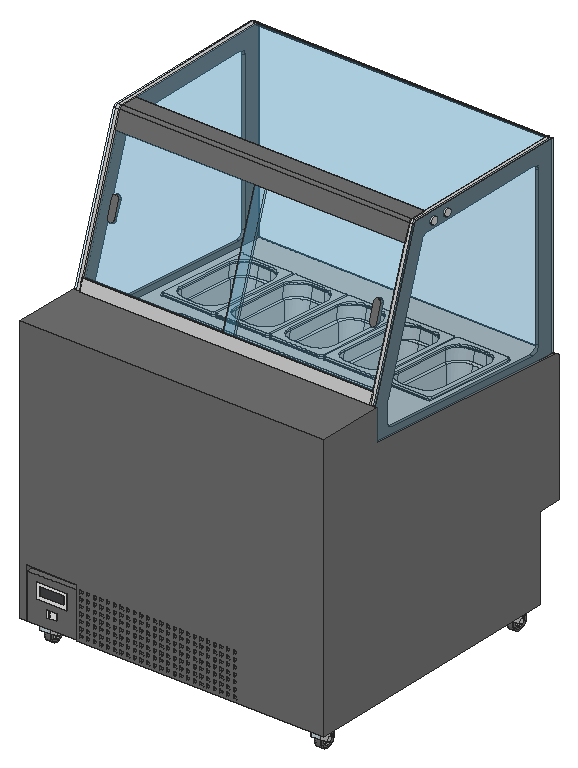
Revit family "QF_BLIZZARD_LUXE6_250923021310", category Specialty Equipment, Revit 2021 (continued)
Definition of nested family "QF_BLIZZARD_SUNDAE6_2920"
  Forms (mm)
    Extrusion 98, solid
      sketch origin (495, -314.497, 607.195) x (1, 0, 0) y (0, 0.996764, -0.080384)
        loop
          arc (250.015, -227.5) -> (235.957, -193.559) -> (202.015, -179.5) r 48
          line (202.015, -179.5) -> (22.985, -179.5)
          arc (22.985, -179.5) -> (-10.957, -193.559) -> (-25.015, -227.5) r 48
          line (-25.015, -227.5) -> (-25.015, -264.5)
      from 140 to 145
    Extrusion 99, solid
      sketch origin (915, -314.898, 602.211) x (1, 0, 0) y (0, 0.996764, -0.080384)
        loop
          arc (-397.015, -202.911) -> (-414.402, -210.113) -> (-421.604, -227.5) r 24.589
          line (-421.604, -227.5) -> (-421.604, -264.5)
          arc (-421.604, -264.5) -> (-414.402, -281.887) -> (-397.015, -289.089) r 24.589
          line (-397.015, -289.089) -> (-217.8, -289.089)
          arc (-217.8, -289.089) -> (-200.544, -281.941) -> (-193.396, -264.685) r 24.404
          line (-193.396, -264.685) -> (-193.396, -227.315)
          arc (-193.396, -227.315) -> (-200.544, -210.059) -> (-217.8, -202.911) r 24.404
          line (-217.8, -202.911) -> (-397.015, -202.911)
      from 0 to 2
    Extrusion 100, solid
      sketch origin (890, -901, -7) x (0, -1, 0) y (0, 0, -1)
        loop
          line (-887, -726.403) -> (-887, -728.41) -> (-222, -782.039) -> (-222, -780.032) -> (-887, -726.403)
      from -870 to 0
    Extrusion 101, void
      sketch origin (-81.926, -878.839, 1.994) x (0, -1, 0) y (0, 0, 1)
        loop
          line (-401.082, 788.92) -> (-395.777, 723.133) -> (-390.644, 718.767) -> (-378.909, 631.092)
          arc (-378.909, 631.092) -> (-373.104, 620.491) -> (-361.686, 616.529) r 16.802
          line (-361.686, 616.529) -> (-275.788, 623.456)
          arc (-275.788, 623.456) -> (-265.152, 629.197) -> (-261.121, 640.591) r 16.802
          line (-261.121, 640.591) -> (-263.587, 729.013) -> (-259.22, 734.146) -> (-264.526, 799.932) -> (-401.082, 788.92)
      from -838.926 to -234.926
    Extrusion 102, void
      sketch origin (1080, -880, 0) x (-1, 0, 0) y (0, 0, 1)
        loop
          line (900, 91) -> (890, 91) -> (890, 81) -> (900, 81) -> (900, 91)
        loop
          line (880, 91) -> (870, 91) -> (870, 81) -> (880, 81) -> (880, 91)
        loop
          line (860, 91) -> (850, 91) -> (850, 81) -> (860, 81) -> (860, 91)
        loop
          line (840, 91) -> (830, 91) -> (830, 81) -> (840, 81) -> (840, 91)
        loop
          line (820, 91) -> (810, 91) -> (810, 81) -> (820, 81) -> (820, 91)
        loop
          line (800, 91) -> (790, 91) -> (790, 81) -> (800, 81) -> (800, 91)
        loop
          line (780, 91) -> (770, 91) -> (770, 81) -> (780, 81) -> (780, 91)
        loop
          line (760, 91) -> (750, 91) -> (750, 81) -> (760, 81) -> (760, 91)
        loop
          line (740, 91) -> (730, 91) -> (730, 81) -> (740, 81) -> (740, 91)
        loop
          line (720, 91) -> (710, 91) -> (710, 81) -> (720, 81) -> (720, 91)
        loop
          line (700, 91) -> (690, 91) -> (690, 81) -> (700, 81) -> (700, 91)
        loop
          line (680, 91) -> (670, 91) -> (670, 81) -> (680, 81) -> (680, 91)
        loop
          line (660, 91) -> (650, 91) -> (650, 81) -> (660, 81) -> (660, 91)
        loop
          line (640, 91) -> (630, 91) -> (630, 81) -> (640, 81) -> (640, 91)
        loop
          line (620, 91) -> (610, 91) -> (610, 81) -> (620, 81) -> (620, 91)
        loop
          line (600, 91) -> (590, 91) -> (590, 81) -> (600, 81) -> (600, 91)
        loop
          line (580, 91) -> (570, 91) -> (570, 81) -> (580, 81) -> (580, 91)
        loop
          line (560, 91) -> (550, 91) -> (550, 81) -> (560, 81) -> (560, 91)
        loop
          line (540, 91) -> (530, 91) -> (530, 81) -> (540, 81) -> (540, 91)
        loop
          line (520, 91) -> (510, 91) -> (510, 81) -> (520, 81) -> (520, 91)
        loop
          line (500, 91) -> (490, 91) -> (490, 81) -> (500, 81) -> (500, 91)
        loop
          line (480, 91) -> (470, 91) -> (470, 81) -> (480, 81) -> (480, 91)
        loop
          line (460, 91) -> (450, 91) -> (450, 81) -> (460, 81) -> (460, 91)
        loop
          line (440, 91) -> (430, 91) -> (430, 81) -> (440, 81) -> (440, 91)
        loop
          line (900, 111) -> (890, 111) -> (890, 101) -> (900, 101) -> (900, 111)
        loop
          line (880, 111) -> (870, 111) -> (870, 101) -> (880, 101) -> (880, 111)
        loop
          line (860, 111) -> (850, 111) -> (850, 101) -> (860, 101) -> (860, 111)
        loop
          line (840, 111) -> (830, 111) -> (830, 101) -> (840, 101) -> (840, 111)
        loop
          line (820, 111) -> (810, 111) -> (810, 101) -> (820, 101) -> (820, 111)
        loop
          line (800, 111) -> (790, 111) -> (790, 101) -> (800, 101) -> (800, 111)
        loop
          line (780, 111) -> (770, 111) -> (770, 101) -> (780, 101) -> (780, 111)
        loop
          line (760, 111) -> (750, 111) -> (750, 101) -> (760, 101) -> (760, 111)
        loop
          line (740, 111) -> (730, 111) -> (730, 101) -> (740, 101) -> (740, 111)
        loop
          line (720, 111) -> (710, 111) -> (710, 101) -> (720, 101) -> (720, 111)
        loop
          line (700, 111) -> (690, 111) -> (690, 101) -> (700, 101) -> (700, 111)
        loop
          line (680, 111) -> (670, 111) -> (670, 101) -> (680, 101) -> (680, 111)
        loop
          line (660, 111) -> (650, 111) -> (650, 101) -> (660, 101) -> (660, 111)
        loop
          line (640, 111) -> (630, 111) -> (630, 101) -> (640, 101) -> (640, 111)
        loop
          line (620, 111) -> (610, 111) -> (610, 101) -> (620, 101) -> (620, 111)
        loop
          line (600, 111) -> (590, 111) -> (590, 101) -> (600, 101) -> (600, 111)
        loop
          line (580, 111) -> (570, 111) -> (570, 101) -> (580, 101) -> (580, 111)
        loop
          line (560, 111) -> (550, 111) -> (550, 101) -> (560, 101) -> (560, 111)
        loop
          line (540, 111) -> (530, 111) -> (530, 101) -> (540, 101) -> (540, 111)
        loop
          line (520, 111) -> (510, 111) -> (510, 101) -> (520, 101) -> (520, 111)
        loop
          line (500, 111) -> (490, 111) -> (490, 101) -> (500, 101) -> (500, 111)
        loop
          line (480, 111) -> (470, 111) -> (470, 101) -> (480, 101) -> (480, 111)
        loop
          line (460, 111) -> (450, 111) -> (450, 101) -> (460, 101) -> (460, 111)
        loop
          line (440, 111) -> (430, 111) -> (430, 101) -> (440, 101) -> (440, 111)
        loop
          line (900, 131) -> (890, 131) -> (890, 121) -> (900, 121) -> (900, 131)
        loop
          line (880, 131) -> (870, 131) -> (870, 121) -> (880, 121) -> (880, 131)
        loop
          line (860, 131) -> (850, 131) -> (850, 121) -> (860, 121) -> (860, 131)
        loop
          line (840, 131) -> (830, 131) -> (830, 121) -> (840, 121) -> (840, 131)
        loop
          line (820, 131) -> (810, 131) -> (810, 121) -> (820, 121) -> (820, 131)
        loop
          line (800, 131) -> (790, 131) -> (790, 121) -> (800, 121) -> (800, 131)
        loop
          line (780, 131) -> (770, 131) -> (770, 121) -> (780, 121) -> (780, 131)
        loop
          line (760, 131) -> (750, 131) -> (750, 121) -> (760, 121) -> (760, 131)
        loop
          line (740, 131) -> (730, 131) -> (730, 121) -> (740, 121) -> (740, 131)
        loop
          line (720, 131) -> (710, 131) -> (710, 121) -> (720, 121) -> (720, 131)
        loop
          line (700, 131) -> (690, 131) -> (690, 121) -> (700, 121) -> (700, 131)
        loop
          line (680, 131) -> (670, 131) -> (670, 121) -> (680, 121) -> (680, 131)
        loop
          line (660, 131) -> (650, 131) -> (650, 121) -> (660, 121) -> (660, 131)
        loop
          line (640, 131) -> (630, 131) -> (630, 121) -> (640, 121) -> (640, 131)
        loop
          line (620, 131) -> (610, 131) -> (610, 121) -> (620, 121) -> (620, 131)
        loop
          line (600, 131) -> (590, 131) -> (590, 121) -> (600, 121) -> (600, 131)
        loop
          line (580, 131) -> (570, 131) -> (570, 121) -> (580, 121) -> (580, 131)
        loop
          line (560, 131) -> (550, 131) -> (550, 121) -> (560, 121) -> (560, 131)
        loop
          line (540, 131) -> (530, 131) -> (530, 121) -> (540, 121) -> (540, 131)
        loop
          line (520, 131) -> (510, 131) -> (510, 121) -> (520, 121) -> (520, 131)
        loop
          line (500, 131) -> (490, 131) -> (490, 121) -> (500, 121) -> (500, 131)
        loop
          line (480, 131) -> (470, 131) -> (470, 121) -> (480, 121) -> (480, 131)
        loop
          line (460, 131) -> (450, 131) -> (450, 121) -> (460, 121) -> (460, 131)
        loop
          line (440, 131) -> (430, 131) -> (430, 121) -> (440, 121) -> (440, 131)
        loop
          line (900, 151) -> (890, 151) -> (890, 141) -> (900, 141) -> (900, 151)
        loop
          line (880, 151) -> (870, 151) -> (870, 141) -> (880, 141) -> (880, 151)
        loop
          line (860, 151) -> (850, 151) -> (850, 141) -> (860, 141) -> (860, 151)
        loop
          line (840, 151) -> (830, 151) -> (830, 141) -> (840, 141) -> (840, 151)
        loop
          line (820, 151) -> (810, 151) -> (810, 141) -> (820, 141) -> (820, 151)
        loop
          line (800, 151) -> (790, 151) -> (790, 141) -> (800, 141) -> (800, 151)
        loop
          line (780, 151) -> (770, 151) -> (770, 141) -> (780, 141) -> (780, 151)
        loop
          line (760, 151) -> (750, 151) -> (750, 141) -> (760, 141) -> (760, 151)
        loop
          line (740, 151) -> (730, 151) -> (730, 141) -> (740, 141) -> (740, 151)
        loop
          line (720, 151) -> (710, 151) -> (710, 141) -> (720, 141) -> (720, 151)
        loop
          line (700, 151) -> (690, 151) -> (690, 141) -> (700, 141) -> (700, 151)
        loop
          line (680, 151) -> (670, 151) -> (670, 141) -> (680, 141) -> (680, 151)
        loop
          line (660, 151) -> (650, 151) -> (650, 141) -> (660, 141) -> (660, 151)
        loop
          line (640, 151) -> (630, 151) -> (630, 141) -> (640, 141) -> (640, 151)
        loop
          line (620, 151) -> (610, 151) -> (610, 141) -> (620, 141) -> (620, 151)
        loop
          line (600, 151) -> (590, 151) -> (590, 141) -> (600, 141) -> (600, 151)
        loop
          line (580, 151) -> (570, 151) -> (570, 141) -> (580, 141) -> (580, 151)
        loop
          line (560, 151) -> (550, 151) -> (550, 141) -> (560, 141) -> (560, 151)
        loop
          line (540, 151) -> (530, 151) -> (530, 141) -> (540, 141) -> (540, 151)
        loop
          line (520, 151) -> (510, 151) -> (510, 141) -> (520, 141) -> (520, 151)
        loop
          line (500, 151) -> (490, 151) -> (490, 141) -> (500, 141) -> (500, 151)
        loop
          line (480, 151) -> (470, 151) -> (470, 141) -> (480, 141) -> (480, 151)
        loop
          line (460, 151) -> (450, 151) -> (450, 141) -> (460, 141) -> (460, 151)
        loop
          line (440, 151) -> (430, 151) -> (430, 141) -> (440, 141) -> (440, 151)
        loop
          line (900, 171) -> (890, 171) -> (890, 161) -> (900, 161) -> (900, 171)
        loop
          line (880, 171) -> (870, 171) -> (870, 161) -> (880, 161) -> (880, 171)
        loop
          line (860, 171) -> (850, 171) -> (850, 161) -> (860, 161) -> (860, 171)
        loop
          line (840, 171) -> (830, 171) -> (830, 161) -> (840, 161) -> (840, 171)
        loop
          line (820, 171) -> (810, 171) -> (810, 161) -> (820, 161) -> (820, 171)
        loop
          line (800, 171) -> (790, 171) -> (790, 161) -> (800, 161) -> (800, 171)
        loop
          line (780, 171) -> (770, 171) -> (770, 161) -> (780, 161) -> (780, 171)
        loop
          line (760, 171) -> (750, 171) -> (750, 161) -> (760, 161) -> (760, 171)
        loop
          line (740, 171) -> (730, 171) -> (730, 161) -> (740, 161) -> (740, 171)
        loop
          line (720, 171) -> (710, 171) -> (710, 161) -> (720, 161) -> (720, 171)
        loop
          line (700, 171) -> (690, 171) -> (690, 161) -> (700, 161) -> (700, 171)
        loop
          line (680, 171) -> (670, 171) -> (670, 161) -> (680, 161) -> (680, 171)
        loop
          line (660, 171) -> (650, 171) -> (650, 161) -> (660, 161) -> (660, 171)
        loop
          line (640, 171) -> (630, 171) -> (630, 161) -> (640, 161) -> (640, 171)
        loop
          line (620, 171) -> (610, 171) -> (610, 161) -> (620, 161) -> (620, 171)
        loop
          line (600, 171) -> (590, 171) -> (590, 161) -> (600, 161) -> (600, 171)
        loop
          line (580, 171) -> (570, 171) -> (570, 161) -> (580, 161) -> (580, 171)
        loop
          line (560, 171) -> (550, 171) -> (550, 161) -> (560, 161) -> (560, 171)
        loop
          line (540, 171) -> (530, 171) -> (530, 161) -> (540, 161) -> (540, 171)
        loop
          line (520, 171) -> (510, 171) -> (510, 161) -> (520, 161) -> (520, 171)
        loop
          line (500, 171) -> (490, 171) -> (490, 161) -> (500, 161) -> (500, 171)
        loop
          line (480, 171) -> (470, 171) -> (470, 161) -> (480, 161) -> (480, 171)
        loop
          line (460, 171) -> (450, 171) -> (450, 161) -> (460, 161) -> (460, 171)
        loop
          line (440, 171) -> (430, 171) -> (430, 161) -> (440, 161) -> (440, 171)
        loop
          line (900, 191) -> (890, 191) -> (890, 181) -> (900, 181) -> (900, 191)
        loop
          line (880, 191) -> (870, 191) -> (870, 181) -> (880, 181) -> (880, 191)
        loop
          line (860, 191) -> (850, 191) -> (850, 181) -> (860, 181) -> (860, 191)
        loop
          line (840, 191) -> (830, 191) -> (830, 181) -> (840, 181) -> (840, 191)
        loop
          line (820, 191) -> (810, 191) -> (810, 181) -> (820, 181) -> (820, 191)
        loop
          line (800, 191) -> (790, 191) -> (790, 181) -> (800, 181) -> (800, 191)
        loop
          line (780, 191) -> (770, 191) -> (770, 181) -> (780, 181) -> (780, 191)
        loop
          line (760, 191) -> (750, 191) -> (750, 181) -> (760, 181) -> (760, 191)
        loop
          line (740, 191) -> (730, 191) -> (730, 181) -> (740, 181) -> (740, 191)
        loop
          line (720, 191) -> (710, 191) -> (710, 181) -> (720, 181) -> (720, 191)
        loop
          line (700, 191) -> (690, 191) -> (690, 181) -> (700, 181) -> (700, 191)
        loop
          line (680, 191) -> (670, 191) -> (670, 181) -> (680, 181) -> (680, 191)
        loop
          line (660, 191) -> (650, 191) -> (650, 181) -> (660, 181) -> (660, 191)
        loop
          line (640, 191) -> (630, 191) -> (630, 181) -> (640, 181) -> (640, 191)
        loop
          line (620, 191) -> (610, 191) -> (610, 181) -> (620, 181) -> (620, 191)
        loop
          line (600, 191) -> (590, 191) -> (590, 181) -> (600, 181) -> (600, 191)
        loop
          line (580, 191) -> (570, 191) -> (570, 181) -> (580, 181) -> (580, 191)
        loop
          line (560, 191) -> (550, 191) -> (550, 181) -> (560, 181) -> (560, 191)
        loop
          line (540, 191) -> (530, 191) -> (530, 181) -> (540, 181) -> (540, 191)
        loop
          line (520, 191) -> (510, 191) -> (510, 181) -> (520, 181) -> (520, 191)
        loop
          line (500, 191) -> (490, 191) -> (490, 181) -> (500, 181) -> (500, 191)
        loop
          line (480, 191) -> (470, 191) -> (470, 181) -> (480, 181) -> (480, 191)
        loop
          line (460, 191) -> (450, 191) -> (450, 181) -> (460, 181) -> (460, 191)
        loop
          line (440, 191) -> (430, 191) -> (430, 181) -> (440, 181) -> (440, 191)
        loop
          line (900, 211) -> (890, 211) -> (890, 201) -> (900, 201) -> (900, 211)
        loop
          line (880, 211) -> (870, 211) -> (870, 201) -> (880, 201) -> (880, 211)
        loop
          line (860, 211) -> (850, 211) -> (850, 201) -> (860, 201) -> (860, 211)
        loop
          line (840, 211) -> (830, 211) -> (830, 201) -> (840, 201) -> (840, 211)
        loop
          line (820, 211) -> (810, 211) -> (810, 201) -> (820, 201) -> (820, 211)
        loop
          line (800, 211) -> (790, 211) -> (790, 201) -> (800, 201) -> (800, 211)
        loop
          line (780, 211) -> (770, 211) -> (770, 201) -> (780, 201) -> (780, 211)
        loop
          line (760, 211) -> (750, 211) -> (750, 201) -> (760, 201) -> (760, 211)
        loop
          line (740, 211) -> (730, 211) -> (730, 201) -> (740, 201) -> (740, 211)
        loop
          line (720, 211) -> (710, 211) -> (710, 201) -> (720, 201) -> (720, 211)
        loop
          line (700, 211) -> (690, 211) -> (690, 201) -> (700, 201) -> (700, 211)
        loop
          line (680, 211) -> (670, 211) -> (670, 201) -> (680, 201) -> (680, 211)
        loop
          line (660, 211) -> (650, 211) -> (650, 201) -> (660, 201) -> (660, 211)
        loop
          line (640, 211) -> (630, 211) -> (630, 201) -> (640, 201) -> (640, 211)
        loop
          line (620, 211) -> (610, 211) -> (610, 201) -> (620, 201) -> (620, 211)
        loop
          line (600, 211) -> (590, 211) -> (590, 201) -> (600, 201) -> (600, 211)
        loop
          line (580, 211) -> (570, 211) -> (570, 201) -> (580, 201) -> (580, 211)
        loop
          line (560, 211) -> (550, 211) -> (550, 201) -> (560, 201) -> (560, 211)
        loop
          line (540, 211) -> (530, 211) -> (530, 201) -> (540, 201) -> (540, 211)
        loop
          line (520, 211) -> (510, 211) -> (510, 201) -> (520, 201) -> (520, 211)
        loop
          line (500, 211) -> (490, 211) -> (490, 201) -> (500, 201) -> (500, 211)
        loop
          line (480, 211) -> (470, 211) -> (470, 201) -> (480, 201) -> (480, 211)
        loop
          line (460, 211) -> (450, 211) -> (450, 201) -> (460, 201) -> (460, 211)
        loop
          line (440, 211) -> (430, 211) -> (430, 201) -> (440, 201) -> (440, 211)
      from 0 to 2
    Extrusion 103, void
      sketch origin (910, -879, 0) x (0, -1, 0) y (0, 0, 1)
        loop
          line (1, 71) -> (1, 221) -> (-19, 221) -> (-19, 206) -> (-1, 206) -> (-1, 71) -> (1, 71)
      from 740 to 890
    Extrusion 104, solid
      sketch origin (910, -878.5, 0) x (-1, 0, 0) y (0, 0, 1)
        loop
          line (860, 186) -> (770, 186) -> (770, 141) -> (860, 141) -> (860, 186)
        loop
          line (780, 151) -> (850, 151) -> (850, 176) -> (780, 176) -> (780, 151)
      from 0 to 2
    Extrusion 105, solid
      sketch origin (910, -878.5, -2) x (-1, 0, 0) y (0, 0, 1)
        loop
          line (850, 178) -> (780, 178) -> (780, 153) -> (850, 153) -> (850, 178)
      from 0 to 2
    Extrusion 106, solid
      sketch origin (910, -878.5, -45) x (-1, 0, 0) y (0, 0, 1)
        loop
          line (830, 166) -> (800, 166) -> (800, 146) -> (830, 146) -> (830, 166)
      from 0 to 2
    Extrusion 107, solid
      sketch origin (910, -879, -49.5) x (-1, 0, 0) y (0, 0, 1)
        loop
          line (825, 168) -> (820, 168) -> (820, 163) -> (825, 163) -> (825, 168)
      from 0 to 2
    Extrusion 108, solid
      sketch origin (910, -879, -59.5) x (-1, 0, 0) y (0, 0, 1)
        loop
          line (825, 168) -> (820, 168) -> (820, 163) -> (825, 163) -> (825, 168)
      from 0 to 2
  Cuts and joins
    Extrusion 44 cuts Extrusion 1
    Extrusion 46 cuts Extrusion 22
    Extrusion 43 cuts Extrusion 11
    Extrusion 45 cuts Extrusion 32
    Extrusion 85, Extrusion 91, Extrusion 101, Extrusion 102, Extrusion 103 cuts Extrusion 53
    Extrusion 85, Extrusion 101 cuts Extrusion 100
  Lines and regions (mm)
    symbolic lines
      curve 1: line (0, -879, 0) -> (910, -879, 0)
      curve 2: line (910, -879, 0) -> (910, 1, 0)
      curve 3: line (0, 1, 0) -> (0, -879, 0)
      curve 4: line (910, 1, 0) -> (0, 1, 0)
      curve 5: line (860, -409.405, 0) -> (860, -123.333, 0)
      curve 6: line (857, -409.003, 0) -> (857, -122.932, 0)
      curve 7: spline (851, -414.983, 0) -> (851.783, -414.932, 0) -> (852.553, -414.78, 0) -> (853.296, -414.528, 0) -> (854, -414.182, 0) -> (854.653, -413.748, 0) -> (855.243, -413.232, 0) -> (855.76, -412.644, 0) -> (856.196, -411.993, 0) -> (856.543, -411.292, 0) -> (856.796, -410.551, 0) -> (856.949, -409.783, 0) -> (857, -409.003, 0)
      curve 8: line (707, -414.983, 0) -> (851, -414.983, 0)
      curve 9: line (707, -418.376, 0) -> (851, -418.376, 0)
      curve 10: spline (851, -418.376, 0) -> (852.175, -418.299, 0) -> (853.329, -418.07, 0) -> (854.444, -417.693, 0) -> (855.5, -417.174, 0) -> (856.479, -416.522, 0) -> (857.364, -415.748, 0) -> (858.14, -414.866, 0) -> (858.794, -413.89, 0) -> (859.315, -412.838, 0) -> (859.693, -411.727, 0) -> (859.923, -410.576, 0) -> (860, -409.405, 0)
      curve 11: spline (701, -409.003, 0) -> (701.051, -409.783, 0) -> (701.204, -410.551, 0) -> (701.457, -411.292, 0) -> (701.804, -411.993, 0) -> (702.24, -412.644, 0) -> (702.757, -413.232, 0) -> (703.347, -413.748, 0) -> (704, -414.182, 0) -> (704.704, -414.528, 0) -> (705.447, -414.78, 0) -> (706.217, -414.932, 0) -> (707, -414.983, 0)
      curve 12: spline (698, -409.405, 0) -> (698.077, -410.576, 0) -> (698.307, -411.727, 0) -> (698.685, -412.838, 0) -> (699.206, -413.89, 0) -> (699.86, -414.866, 0) -> (700.636, -415.748, 0) -> (701.521, -416.522, 0) -> (702.5, -417.174, 0) -> (703.556, -417.693, 0) -> (704.671, -418.07, 0) -> (705.825, -418.299, 0) -> (707, -418.376, 0)
      curve 13: line (701, -122.932, 0) -> (701, -409.003, 0)
      curve 14: line (698, -123.333, 0) -> (698, -409.405, 0)
      curve 15: spline (857, -122.932, 0) -> (856.949, -122.151, 0) -> (856.796, -121.384, 0) -> (856.543, -120.643, 0) -> (856.196, -119.941, 0) -> (855.76, -119.291, 0) -> (855.243, -118.703, 0) -> (854.653, -118.187, 0) -> (854, -117.752, 0) -> (853.296, -117.406, 0) -> (852.553, -117.155, 0) -> (851.783, -117.002, 0) -> (851, -116.951, 0)
      curve 16: spline (860, -123.333, 0) -> (859.923, -122.163, 0) -> (859.693, -121.012, 0) -> (859.315, -119.9, 0) -> (858.794, -118.848, 0) -> (858.14, -117.872, 0) -> (857.364, -116.99, 0) -> (856.479, -116.216, 0) -> (855.5, -115.564, 0) -> (854.444, -115.045, 0) -> (853.329, -114.668, 0) -> (852.175, -114.439, 0) -> (851, -114.363, 0)
      curve 17: line (851, -114.363, 0) -> (707, -114.363, 0)
      curve 18: line (851, -116.951, 0) -> (707, -116.951, 0)
      curve 19: spline (707, -116.951, 0) -> (706.217, -117.002, 0) -> (705.447, -117.155, 0) -> (704.704, -117.406, 0) -> (704, -117.752, 0) -> (703.347, -118.187, 0) -> (702.757, -118.703, 0) -> (702.24, -119.291, 0) -> (701.804, -119.941, 0) -> (701.457, -120.643, 0) -> (701.204, -121.384, 0) -> (701.051, -122.151, 0) -> (701, -122.932, 0)
      curve 20: spline (707, -114.363, 0) -> (705.825, -114.439, 0) -> (704.671, -114.668, 0) -> (703.556, -115.045, 0) -> (702.5, -115.564, 0) -> (701.521, -116.216, 0) -> (700.636, -116.99, 0) -> (699.86, -117.872, 0) -> (699.206, -118.848, 0) -> (698.685, -119.9, 0) -> (698.307, -121.012, 0) -> (698.077, -122.163, 0) -> (698, -123.333, 0)
      curve 21: spline (845.5, -355.193, 0) -> (845.089, -361.438, 0) -> (843.864, -367.576, 0) -> (841.846, -373.502, 0) -> (839.069, -379.115, 0) -> (835.581, -384.319, 0) -> (831.441, -389.024, 0) -> (826.721, -393.151, 0) -> (821.5, -396.628, 0) -> (815.869, -399.396, 0) -> (809.923, -401.407, 0) -> (803.765, -402.628, 0) -> (797.5, -403.038, 0)
      curve 22: line (797.5, -403.038, 0) -> (760.5, -403.038, 0)
      curve 23: spline (760.5, -403.038, 0) -> (754.235, -402.628, 0) -> (748.077, -401.407, 0) -> (742.131, -399.396, 0) -> (736.5, -396.628, 0) -> (731.279, -393.151, 0) -> (726.559, -389.024, 0) -> (722.419, -384.319, 0) -> (718.931, -379.115, 0) -> (716.154, -373.502, 0) -> (714.136, -367.576, 0) -> (712.911, -361.438, 0) -> (712.5, -355.193, 0)
      curve 24: line (712.5, -355.193, 0) -> (712.5, -176.741, 0)
      curve 25: line (845.5, -176.741, 0) -> (845.5, -355.193, 0)
      curve 26: spline (712.5, -176.741, 0) -> (712.911, -170.496, 0) -> (714.136, -164.358, 0) -> (716.154, -158.432, 0) -> (718.931, -152.819, 0) -> (722.419, -147.615, 0) -> (726.559, -142.91, 0) -> (731.279, -138.784, 0) -> (736.5, -135.307, 0) -> (742.131, -132.539, 0) -> (748.077, -130.527, 0) -> (754.235, -129.306, 0) -> (760.5, -128.897, 0)
      curve 27: line (760.5, -128.897, 0) -> (797.5, -128.897, 0)
      curve 28: spline (797.5, -128.897, 0) -> (803.765, -129.306, 0) -> (809.923, -130.527, 0) -> (815.869, -132.539, 0) -> (821.5, -135.307, 0) -> (826.721, -138.784, 0) -> (831.441, -142.91, 0) -> (835.581, -147.615, 0) -> (839.069, -152.819, 0) -> (841.846, -158.432, 0) -> (843.864, -164.358, 0) -> (845.089, -170.496, 0) -> (845.5, -176.741, 0)
      curve 29: line (695, -409.003, 0) -> (695, -122.932, 0)
      curve 30: spline (689, -414.983, 0) -> (689.783, -414.932, 0) -> (690.553, -414.78, 0) -> (691.296, -414.528, 0) -> (692, -414.182, 0) -> (692.653, -413.748, 0) -> (693.243, -413.232, 0) -> (693.76, -412.644, 0) -> (694.196, -411.993, 0) -> (694.543, -411.292, 0) -> (694.796, -410.551, 0) -> (694.949, -409.783, 0) -> (695, -409.003, 0)
      curve 31: line (545, -414.983, 0) -> (689, -414.983, 0)
      curve 32: line (545, -418.376, 0) -> (689, -418.376, 0)
      curve 33: spline (689, -418.376, 0) -> (690.175, -418.299, 0) -> (691.329, -418.07, 0) -> (692.444, -417.693, 0) -> (693.5, -417.174, 0) -> (694.479, -416.522, 0) -> (695.364, -415.748, 0) -> (696.14, -414.866, 0) -> (696.794, -413.89, 0) -> (697.315, -412.838, 0) -> (697.693, -411.727, 0) -> (697.923, -410.576, 0) -> (698, -409.405, 0)
      curve 34: spline (539, -409.003, 0) -> (539.051, -409.783, 0) -> (539.204, -410.551, 0) -> (539.457, -411.292, 0) -> (539.804, -411.993, 0) -> (540.24, -412.644, 0) -> (540.757, -413.232, 0) -> (541.347, -413.748, 0) -> (542, -414.182, 0) -> (542.704, -414.528, 0) -> (543.447, -414.78, 0) -> (544.217, -414.932, 0) -> (545, -414.983, 0)
      curve 35: spline (536, -409.405, 0) -> (536.077, -410.576, 0) -> (536.307, -411.727, 0) -> (536.685, -412.838, 0) -> (537.206, -413.89, 0) -> (537.86, -414.866, 0) -> (538.636, -415.748, 0) -> (539.521, -416.522, 0) -> (540.5, -417.174, 0) -> (541.556, -417.693, 0) -> (542.671, -418.07, 0) -> (543.825, -418.299, 0) -> (545, -418.376, 0)
      curve 36: line (539, -122.932, 0) -> (539, -409.003, 0)
      curve 37: line (536, -123.333, 0) -> (536, -409.405, 0)
      curve 38: spline (695, -122.932, 0) -> (694.949, -122.151, 0) -> (694.796, -121.384, 0) -> (694.543, -120.643, 0) -> (694.196, -119.941, 0) -> (693.76, -119.291, 0) -> (693.243, -118.703, 0) -> (692.653, -118.187, 0) -> (692, -117.752, 0) -> (691.296, -117.406, 0) -> (690.553, -117.155, 0) -> (689.783, -117.002, 0) -> (689, -116.951, 0)
      curve 39: spline (698, -123.333, 0) -> (697.923, -122.163, 0) -> (697.693, -121.012, 0) -> (697.315, -119.9, 0) -> (696.794, -118.848, 0) -> (696.14, -117.872, 0) -> (695.364, -116.99, 0) -> (694.479, -116.216, 0) -> (693.5, -115.564, 0) -> (692.444, -115.045, 0) -> (691.329, -114.668, 0) -> (690.175, -114.439, 0) -> (689, -114.363, 0)
      curve 40: line (689, -114.363, 0) -> (545, -114.363, 0)
      curve 41: line (689, -116.951, 0) -> (545, -116.951, 0)
      curve 42: spline (545, -116.951, 0) -> (544.217, -117.002, 0) -> (543.447, -117.155, 0) -> (542.704, -117.406, 0) -> (542, -117.752, 0) -> (541.347, -118.187, 0) -> (540.757, -118.703, 0) -> (540.24, -119.291, 0) -> (539.804, -119.941, 0) -> (539.457, -120.643, 0) -> (539.204, -121.384, 0) -> (539.051, -122.151, 0) -> (539, -122.932, 0)
      curve 43: spline (545, -114.363, 0) -> (543.825, -114.439, 0) -> (542.671, -114.668, 0) -> (541.556, -115.045, 0) -> (540.5, -115.564, 0) -> (539.521, -116.216, 0) -> (538.636, -116.99, 0) -> (537.86, -117.872, 0) -> (537.206, -118.848, 0) -> (536.685, -119.9, 0) -> (536.307, -121.012, 0) -> (536.077, -122.163, 0) -> (536, -123.333, 0)
      curve 44: spline (683.5, -355.193, 0) -> (683.089, -361.438, 0) -> (681.864, -367.576, 0) -> (679.846, -373.502, 0) -> (677.069, -379.115, 0) -> (673.581, -384.319, 0) -> (669.441, -389.024, 0) -> (664.721, -393.151, 0) -> (659.5, -396.628, 0) -> (653.869, -399.396, 0) -> (647.923, -401.407, 0) -> (641.765, -402.628, 0) -> (635.5, -403.038, 0)
      curve 45: line (635.5, -403.038, 0) -> (598.5, -403.038, 0)
      curve 46: spline (598.5, -403.038, 0) -> (592.235, -402.628, 0) -> (586.077, -401.407, 0) -> (580.131, -399.396, 0) -> (574.5, -396.628, 0) -> (569.279, -393.151, 0) -> (564.559, -389.024, 0) -> (560.419, -384.319, 0) -> (556.931, -379.115, 0) -> (554.154, -373.502, 0) -> (552.136, -367.576, 0) -> (550.911, -361.438, 0) -> (550.5, -355.193, 0)
      curve 47: line (550.5, -355.193, 0) -> (550.5, -176.741, 0)
      curve 48: line (683.5, -176.741, 0) -> (683.5, -355.193, 0)
      curve 49: spline (550.5, -176.741, 0) -> (550.911, -170.496, 0) -> (552.136, -164.358, 0) -> (554.154, -158.432, 0) -> (556.931, -152.819, 0) -> (560.419, -147.615, 0) -> (564.559, -142.91, 0) -> (569.279, -138.784, 0) -> (574.5, -135.307, 0) -> (580.131, -132.539, 0) -> (586.077, -130.527, 0) -> (592.235, -129.306, 0) -> (598.5, -128.897, 0)
      curve 50: line (598.5, -128.897, 0) -> (635.5, -128.897, 0)
      curve 51: spline (635.5, -128.897, 0) -> (641.765, -129.306, 0) -> (647.923, -130.527, 0) -> (653.869, -132.539, 0) -> (659.5, -135.307, 0) -> (664.721, -138.784, 0) -> (669.441, -142.91, 0) -> (673.581, -147.615, 0) -> (677.069, -152.819, 0) -> (679.846, -158.432, 0) -> (681.864, -164.358, 0) -> (683.089, -170.496, 0) -> (683.5, -176.741, 0)
      curve 52: line (533, -409.003, 0) -> (533, -122.932, 0)
      curve 53: spline (527, -414.983, 0) -> (527.783, -414.932, 0) -> (528.553, -414.78, 0) -> (529.296, -414.528, 0) -> (530, -414.182, 0) -> (530.653, -413.748, 0) -> (531.243, -413.232, 0) -> (531.76, -412.644, 0) -> (532.196, -411.993, 0) -> (532.543, -411.292, 0) -> (532.796, -410.551, 0) -> (532.949, -409.783, 0) -> (533, -409.003, 0)
      curve 54: line (383, -414.983, 0) -> (527, -414.983, 0)
      curve 55: line (383, -418.376, 0) -> (527, -418.376, 0)
      curve 56: spline (527, -418.376, 0) -> (528.175, -418.299, 0) -> (529.329, -418.07, 0) -> (530.444, -417.693, 0) -> (531.5, -417.174, 0) -> (532.479, -416.522, 0) -> (533.364, -415.748, 0) -> (534.14, -414.866, 0) -> (534.794, -413.89, 0) -> (535.315, -412.838, 0) -> (535.693, -411.727, 0) -> (535.923, -410.576, 0) -> (536, -409.405, 0)
      curve 57: spline (377, -409.003, 0) -> (377.051, -409.783, 0) -> (377.204, -410.551, 0) -> (377.457, -411.292, 0) -> (377.804, -411.993, 0) -> (378.24, -412.644, 0) -> (378.757, -413.232, 0) -> (379.347, -413.748, 0) -> (380, -414.182, 0) -> (380.704, -414.528, 0) -> (381.447, -414.78, 0) -> (382.217, -414.932, 0) -> (383, -414.983, 0)
      curve 58: spline (374, -409.405, 0) -> (374.077, -410.576, 0) -> (374.307, -411.727, 0) -> (374.685, -412.838, 0) -> (375.206, -413.89, 0) -> (375.86, -414.866, 0) -> (376.636, -415.748, 0) -> (377.521, -416.522, 0) -> (378.5, -417.174, 0) -> (379.556, -417.693, 0) -> (380.671, -418.07, 0) -> (381.825, -418.299, 0) -> (383, -418.376, 0)
      curve 59: line (377, -122.932, 0) -> (377, -409.003, 0)
      curve 60: line (374, -123.333, 0) -> (374, -409.405, 0)
      curve 61: spline (533, -122.932, 0) -> (532.949, -122.151, 0) -> (532.796, -121.384, 0) -> (532.543, -120.643, 0) -> (532.196, -119.941, 0) -> (531.76, -119.291, 0) -> (531.243, -118.703, 0) -> (530.653, -118.187, 0) -> (530, -117.752, 0) -> (529.296, -117.406, 0) -> (528.553, -117.155, 0) -> (527.783, -117.002, 0) -> (527, -116.951, 0)
      curve 62: spline (536, -123.333, 0) -> (535.923, -122.163, 0) -> (535.693, -121.012, 0) -> (535.315, -119.9, 0) -> (534.794, -118.848, 0) -> (534.14, -117.872, 0) -> (533.364, -116.99, 0) -> (532.479, -116.216, 0) -> (531.5, -115.564, 0) -> (530.444, -115.045, 0) -> (529.329, -114.668, 0) -> (528.175, -114.439, 0) -> (527, -114.363, 0)
      curve 63: line (527, -114.363, 0) -> (383, -114.363, 0)
      curve 64: line (527, -116.951, 0) -> (383, -116.951, 0)
      curve 65: spline (383, -116.951, 0) -> (382.217, -117.002, 0) -> (381.447, -117.155, 0) -> (380.704, -117.406, 0) -> (380, -117.752, 0) -> (379.347, -118.187, 0) -> (378.757, -118.703, 0) -> (378.24, -119.291, 0) -> (377.804, -119.941, 0) -> (377.457, -120.643, 0) -> (377.204, -121.384, 0) -> (377.051, -122.151, 0) -> (377, -122.932, 0)
      curve 66: spline (383, -114.363, 0) -> (381.825, -114.439, 0) -> (380.671, -114.668, 0) -> (379.556, -115.045, 0) -> (378.5, -115.564, 0) -> (377.521, -116.216, 0) -> (376.636, -116.99, 0) -> (375.86, -117.872, 0) -> (375.206, -118.848, 0) -> (374.685, -119.9, 0) -> (374.307, -121.012, 0) -> (374.077, -122.163, 0) -> (374, -123.333, 0)
      curve 67: spline (521.5, -355.193, 0) -> (521.089, -361.438, 0) -> (519.864, -367.576, 0) -> (517.846, -373.502, 0) -> (515.069, -379.115, 0) -> (511.581, -384.319, 0) -> (507.441, -389.024, 0) -> (502.721, -393.151, 0) -> (497.5, -396.628, 0) -> (491.869, -399.396, 0) -> (485.923, -401.407, 0) -> (479.765, -402.628, 0) -> (473.5, -403.038, 0)
      curve 68: line (473.5, -403.038, 0) -> (436.5, -403.038, 0)
      curve 69: spline (436.5, -403.038, 0) -> (430.235, -402.628, 0) -> (424.077, -401.407, 0) -> (418.131, -399.396, 0) -> (412.5, -396.628, 0) -> (407.279, -393.151, 0) -> (402.559, -389.024, 0) -> (398.419, -384.319, 0) -> (394.931, -379.115, 0) -> (392.154, -373.502, 0) -> (390.136, -367.576, 0) -> (388.911, -361.438, 0) -> (388.5, -355.193, 0)
      curve 70: line (388.5, -355.193, 0) -> (388.5, -176.741, 0)
      curve 71: line (521.5, -176.741, 0) -> (521.5, -355.193, 0)
      curve 72: spline (388.5, -176.741, 0) -> (388.911, -170.496, 0) -> (390.136, -164.358, 0) -> (392.154, -158.432, 0) -> (394.931, -152.819, 0) -> (398.419, -147.615, 0) -> (402.559, -142.91, 0) -> (407.279, -138.784, 0) -> (412.5, -135.307, 0) -> (418.131, -132.539, 0) -> (424.077, -130.527, 0) -> (430.235, -129.306, 0) -> (436.5, -128.897, 0)
      curve 73: line (436.5, -128.897, 0) -> (473.5, -128.897, 0)
      curve 74: spline (473.5, -128.897, 0) -> (479.765, -129.306, 0) -> (485.923, -130.527, 0) -> (491.869, -132.539, 0) -> (497.5, -135.307, 0) -> (502.721, -138.784, 0) -> (507.441, -142.91, 0) -> (511.581, -147.615, 0) -> (515.069, -152.819, 0) -> (517.846, -158.432, 0) -> (519.864, -164.358, 0) -> (521.089, -170.496, 0) -> (521.5, -176.741, 0)
      curve 75: line (371, -409.003, 0) -> (371, -122.932, 0)
      curve 76: spline (365, -414.983, 0) -> (365.783, -414.932, 0) -> (366.553, -414.78, 0) -> (367.296, -414.528, 0) -> (368, -414.182, 0) -> (368.653, -413.748, 0) -> (369.243, -413.232, 0) -> (369.76, -412.644, 0) -> (370.196, -411.993, 0) -> (370.543, -411.292, 0) -> (370.796, -410.551, 0) -> (370.949, -409.783, 0) -> (371, -409.003, 0)
      curve 77: line (221, -414.983, 0) -> (365, -414.983, 0)
      curve 78: line (221, -418.376, 0) -> (365, -418.376, 0)
      curve 79: spline (365, -418.376, 0) -> (366.175, -418.299, 0) -> (367.329, -418.07, 0) -> (368.444, -417.693, 0) -> (369.5, -417.174, 0) -> (370.479, -416.522, 0) -> (371.364, -415.748, 0) -> (372.14, -414.866, 0) -> (372.794, -413.89, 0) -> (373.315, -412.838, 0) -> (373.693, -411.727, 0) -> (373.923, -410.576, 0) -> (374, -409.405, 0)
      curve 80: spline (215, -409.003, 0) -> (215.051, -409.783, 0) -> (215.204, -410.551, 0) -> (215.457, -411.292, 0) -> (215.804, -411.993, 0) -> (216.24, -412.644, 0) -> (216.757, -413.232, 0) -> (217.347, -413.748, 0) -> (218, -414.182, 0) -> (218.704, -414.528, 0) -> (219.447, -414.78, 0) -> (220.217, -414.932, 0) -> (221, -414.983, 0)
      curve 81: spline (212, -409.405, 0) -> (212.077, -410.576, 0) -> (212.307, -411.727, 0) -> (212.685, -412.838, 0) -> (213.206, -413.89, 0) -> (213.86, -414.866, 0) -> (214.636, -415.748, 0) -> (215.521, -416.522, 0) -> (216.5, -417.174, 0) -> (217.556, -417.693, 0) -> (218.671, -418.07, 0) -> (219.825, -418.299, 0) -> (221, -418.376, 0)
      curve 82: line (215, -122.932, 0) -> (215, -409.003, 0)
      curve 83: line (212, -123.333, 0) -> (212, -409.405, 0)
      curve 84: spline (371, -122.932, 0) -> (370.949, -122.151, 0) -> (370.796, -121.384, 0) -> (370.543, -120.643, 0) -> (370.196, -119.941, 0) -> (369.76, -119.291, 0) -> (369.243, -118.703, 0) -> (368.653, -118.187, 0) -> (368, -117.752, 0) -> (367.296, -117.406, 0) -> (366.553, -117.155, 0) -> (365.783, -117.002, 0) -> (365, -116.951, 0)
      curve 85: spline (374, -123.333, 0) -> (373.923, -122.163, 0) -> (373.693, -121.012, 0) -> (373.315, -119.9, 0) -> (372.794, -118.848, 0) -> (372.14, -117.872, 0) -> (371.364, -116.99, 0) -> (370.479, -116.216, 0) -> (369.5, -115.564, 0) -> (368.444, -115.045, 0) -> (367.329, -114.668, 0) -> (366.175, -114.439, 0) -> (365, -114.363, 0)
      curve 86: line (365, -114.363, 0) -> (221, -114.363, 0)
      curve 87: line (365, -116.951, 0) -> (221, -116.951, 0)
      curve 88: spline (221, -116.951, 0) -> (220.217, -117.002, 0) -> (219.447, -117.155, 0) -> (218.704, -117.406, 0) -> (218, -117.752, 0) -> (217.347, -118.187, 0) -> (216.757, -118.703, 0) -> (216.24, -119.291, 0) -> (215.804, -119.941, 0) -> (215.457, -120.643, 0) -> (215.204, -121.384, 0) -> (215.051, -122.151, 0) -> (215, -122.932, 0)
      curve 89: spline (221, -114.363, 0) -> (219.825, -114.439, 0) -> (218.671, -114.668, 0) -> (217.556, -115.045, 0) -> (216.5, -115.564, 0) -> (215.521, -116.216, 0) -> (214.636, -116.99, 0) -> (213.86, -117.872, 0) -> (213.206, -118.848, 0) -> (212.685, -119.9, 0) -> (212.307, -121.012, 0) -> (212.077, -122.163, 0) -> (212, -123.333, 0)
      curve 90: spline (359.5, -355.193, 0) -> (359.089, -361.438, 0) -> (357.864, -367.576, 0) -> (355.846, -373.502, 0) -> (353.069, -379.115, 0) -> (349.581, -384.319, 0) -> (345.441, -389.024, 0) -> (340.721, -393.151, 0) -> (335.5, -396.628, 0) -> (329.869, -399.396, 0) -> (323.923, -401.407, 0) -> (317.765, -402.628, 0) -> (311.5, -403.038, 0)
      curve 91: line (311.5, -403.038, 0) -> (274.5, -403.038, 0)
      curve 92: spline (274.5, -403.038, 0) -> (268.235, -402.628, 0) -> (262.077, -401.407, 0) -> (256.131, -399.396, 0) -> (250.5, -396.628, 0) -> (245.279, -393.151, 0) -> (240.559, -389.024, 0) -> (236.419, -384.319, 0) -> (232.931, -379.115, 0) -> (230.154, -373.502, 0) -> (228.136, -367.576, 0) -> (226.911, -361.438, 0) -> (226.5, -355.193, 0)
      curve 93: line (226.5, -355.193, 0) -> (226.5, -176.741, 0)
      curve 94: line (359.5, -176.741, 0) -> (359.5, -355.193, 0)
      curve 95: spline (226.5, -176.741, 0) -> (226.911, -170.496, 0) -> (228.136, -164.358, 0) -> (230.154, -158.432, 0) -> (232.931, -152.819, 0) -> (236.419, -147.615, 0) -> (240.559, -142.91, 0) -> (245.279, -138.784, 0) -> (250.5, -135.307, 0) -> (256.131, -132.539, 0) -> (262.077, -130.527, 0) -> (268.235, -129.306, 0) -> (274.5, -128.897, 0)
      curve 96: line (274.5, -128.897, 0) -> (311.5, -128.897, 0)
      curve 97: spline (311.5, -128.897, 0) -> (317.765, -129.306, 0) -> (323.923, -130.527, 0) -> (329.869, -132.539, 0) -> (335.5, -135.307, 0) -> (340.721, -138.784, 0) -> (345.441, -142.91, 0) -> (349.581, -147.615, 0) -> (353.069, -152.819, 0) -> (355.846, -158.432, 0) -> (357.864, -164.358, 0) -> (359.089, -170.496, 0) -> (359.5, -176.741, 0)
      curve 98: line (209, -409.003, 0) -> (209, -122.932, 0)
      curve 99: spline (203, -414.983, 0) -> (203.783, -414.932, 0) -> (204.553, -414.78, 0) -> (205.296, -414.528, 0) -> (206, -414.182, 0) -> (206.653, -413.748, 0) -> (207.243, -413.232, 0) -> (207.76, -412.644, 0) -> (208.196, -411.993, 0) -> (208.543, -411.292, 0) -> (208.796, -410.551, 0) -> (208.949, -409.783, 0) -> (209, -409.003, 0)
      curve 100: line (59, -414.983, 0) -> (203, -414.983, 0)
      curve 101: line (59, -418.376, 0) -> (203, -418.376, 0)
      curve 102: spline (203, -418.376, 0) -> (204.175, -418.299, 0) -> (205.329, -418.07, 0) -> (206.444, -417.693, 0) -> (207.5, -417.174, 0) -> (208.479, -416.522, 0) -> (209.364, -415.748, 0) -> (210.14, -414.866, 0) -> (210.794, -413.89, 0) -> (211.315, -412.838, 0) -> (211.693, -411.727, 0) -> (211.923, -410.576, 0) -> (212, -409.405, 0)
      curve 103: spline (53, -409.003, 0) -> (53.051, -409.783, 0) -> (53.204, -410.551, 0) -> (53.457, -411.292, 0) -> (53.804, -411.993, 0) -> (54.24, -412.644, 0) -> (54.757, -413.232, 0) -> (55.347, -413.748, 0) -> (56, -414.182, 0) -> (56.704, -414.528, 0) -> (57.447, -414.78, 0) -> (58.217, -414.932, 0) -> (59, -414.983, 0)
      curve 104: spline (50, -409.405, 0) -> (50.077, -410.576, 0) -> (50.307, -411.727, 0) -> (50.685, -412.838, 0) -> (51.206, -413.89, 0) -> (51.86, -414.866, 0) -> (52.636, -415.748, 0) -> (53.521, -416.522, 0) -> (54.5, -417.174, 0) -> (55.556, -417.693, 0) -> (56.671, -418.07, 0) -> (57.825, -418.299, 0) -> (59, -418.376, 0)
      curve 105: line (53, -122.932, 0) -> (53, -409.003, 0)
      curve 106: line (50, -123.333, 0) -> (50, -409.405, 0)
      curve 107: spline (209, -122.932, 0) -> (208.949, -122.151, 0) -> (208.796, -121.384, 0) -> (208.543, -120.643, 0) -> (208.196, -119.941, 0) -> (207.76, -119.291, 0) -> (207.243, -118.703, 0) -> (206.653, -118.187, 0) -> (206, -117.752, 0) -> (205.296, -117.406, 0) -> (204.553, -117.155, 0) -> (203.783, -117.002, 0) -> (203, -116.951, 0)
      curve 108: spline (212, -123.333, 0) -> (211.923, -122.163, 0) -> (211.693, -121.012, 0) -> (211.315, -119.9, 0) -> (210.794, -118.848, 0) -> (210.14, -117.872, 0) -> (209.364, -116.99, 0) -> (208.479, -116.216, 0) -> (207.5, -115.564, 0) -> (206.444, -115.045, 0) -> (205.329, -114.668, 0) -> (204.175, -114.439, 0) -> (203, -114.363, 0)
      curve 109: line (203, -114.363, 0) -> (59, -114.363, 0)
      curve 110: line (203, -116.951, 0) -> (59, -116.951, 0)
      curve 111: spline (59, -116.951, 0) -> (58.217, -117.002, 0) -> (57.447, -117.155, 0) -> (56.704, -117.406, 0) -> (56, -117.752, 0) -> (55.347, -118.187, 0) -> (54.757, -118.703, 0) -> (54.24, -119.291, 0) -> (53.804, -119.941, 0) -> (53.457, -120.643, 0) -> (53.204, -121.384, 0) -> (53.051, -122.151, 0) -> (53, -122.932, 0)
      curve 112: spline (59, -114.363, 0) -> (57.825, -114.439, 0) -> (56.671, -114.668, 0) -> (55.556, -115.045, 0) -> (54.5, -115.564, 0) -> (53.521, -116.216, 0) -> (52.636, -116.99, 0) -> (51.86, -117.872, 0) -> (51.206, -118.848, 0) -> (50.685, -119.9, 0) -> (50.307, -121.012, 0) -> (50.077, -122.163, 0) -> (50, -123.333, 0)
      curve 113: spline (197.5, -355.193, 0) -> (197.089, -361.438, 0) -> (195.864, -367.576, 0) -> (193.846, -373.502, 0) -> (191.069, -379.115, 0) -> (187.581, -384.319, 0) -> (183.441, -389.024, 0) -> (178.721, -393.151, 0) -> (173.5, -396.628, 0) -> (167.869, -399.396, 0) -> (161.923, -401.407, 0) -> (155.765, -402.628, 0) -> (149.5, -403.038, 0)
      curve 114: line (149.5, -403.038, 0) -> (112.5, -403.038, 0)
      curve 115: spline (112.5, -403.038, 0) -> (106.235, -402.628, 0) -> (100.077, -401.407, 0) -> (94.131, -399.396, 0) -> (88.5, -396.628, 0) -> (83.279, -393.151, 0) -> (78.559, -389.024, 0) -> (74.419, -384.319, 0) -> (70.931, -379.115, 0) -> (68.154, -373.502, 0) -> (66.136, -367.576, 0) -> (64.911, -361.438, 0) -> (64.5, -355.193, 0)
      curve 116: line (64.5, -355.193, 0) -> (64.5, -176.741, 0)
      curve 117: line (197.5, -176.741, 0) -> (197.5, -355.193, 0)
      curve 118: spline (64.5, -176.741, 0) -> (64.911, -170.496, 0) -> (66.136, -164.358, 0) -> (68.154, -158.432, 0) -> (70.931, -152.819, 0) -> (74.419, -147.615, 0) -> (78.559, -142.91, 0) -> (83.279, -138.784, 0) -> (88.5, -135.307, 0) -> (94.131, -132.539, 0) -> (100.077, -130.527, 0) -> (106.235, -129.306, 0) -> (112.5, -128.897, 0)
      curve 119: line (112.5, -128.897, 0) -> (149.5, -128.897, 0)
      curve 120: spline (149.5, -128.897, 0) -> (155.765, -129.306, 0) -> (161.923, -130.527, 0) -> (167.869, -132.539, 0) -> (173.5, -135.307, 0) -> (178.721, -138.784, 0) -> (183.441, -142.91, 0) -> (187.581, -147.615, 0) -> (191.069, -152.819, 0) -> (193.846, -158.432, 0) -> (195.864, -164.358, 0) -> (197.089, -170.496, 0) -> (197.5, -176.741, 0)
      curve 121: line (910, -679, 0) -> (0, -679, 0)
      curve 122: line (70, -612.35, 0) -> (70, -596.072, 0)
      curve 123: spline (70, -612.35, 0) -> (69.659, -613.193, 0) -> (68.66, -613.978, 0) -> (67.071, -614.652, 0) -> (65, -615.17, 0) -> (62.588, -615.495, 0) -> (60, -615.606, 0) -> (57.412, -615.495, 0) -> (55, -615.17, 0) -> (52.929, -614.652, 0) -> (51.34, -613.978, 0) -> (50.341, -613.193, 0) -> (50, -612.35, 0)
      curve 124: line (50, -596.072, 0) -> (50, -612.35, 0)
      curve 125: spline (50, -596.072, 0) -> (50.341, -595.229, 0) -> (51.34, -594.444, 0) -> (52.929, -593.77, 0) -> (55, -593.252, 0) -> (57.412, -592.927, 0) -> (60, -592.816, 0) -> (62.588, -592.927, 0) -> (65, -593.252, 0) -> (67.071, -593.77, 0) -> (68.66, -594.444, 0) -> (69.659, -595.229, 0) -> (70, -596.072, 0)
      curve 126: spline (840, -600.799, 0) -> (840.341, -599.957, 0) -> (841.34, -599.171, 0) -> (842.929, -598.497, 0) -> (845, -597.98, 0) -> (847.412, -597.655, 0) -> (850, -597.544, 0) -> (852.588, -597.655, 0) -> (855, -597.98, 0) -> (857.071, -598.497, 0) -> (858.66, -599.171, 0) -> (859.659, -599.957, 0) -> (860, -600.799, 0)
      curve 127: line (860, -617.078, 0) -> (860, -600.799, 0)
      curve 128: spline (860, -617.078, 0) -> (859.659, -617.92, 0) -> (858.66, -618.706, 0) -> (857.071, -619.38, 0) -> (855, -619.897, 0) -> (852.588, -620.222, 0) -> (850, -620.333, 0) -> (847.412, -620.222, 0) -> (845, -619.897, 0) -> (842.929, -619.38, 0) -> (841.34, -618.706, 0) -> (840.341, -617.92, 0) -> (840, -617.078, 0)
      curve 129: line (840, -600.799, 0) -> (840, -617.078, 0)
      curve 130: line (890, 1, 0) -> (890, -679, 0)
      curve 131: line (20, -679, 0) -> (20, 1, 0)
      curve 132: line (890, -473.462, 0) -> (20, -473.462, 0)
      curve 133: line (890, -549.195, 0) -> (20, -549.195, 0)
      curve 134: line (440, -549.195, 0) -> (440, -567.699, 0)
      curve 135: line (760, -620.214, 0) -> (760, -549.195, 0)
      curve 136: spline (751, -629.185, 0) -> (752.175, -629.108, 0) -> (753.329, -628.879, 0) -> (754.444, -628.502, 0) -> (755.5, -627.983, 0) -> (756.479, -627.331, 0) -> (757.364, -626.557, 0) -> (758.14, -625.675, 0) -> (758.794, -624.699, 0) -> (759.315, -623.647, 0) -> (759.693, -622.536, 0) -> (759.923, -621.385, 0) -> (760, -620.214, 0)
      curve 137: line (464, -629.185, 0) -> (751, -629.185, 0)
      curve 138: line (455, -549.195, 0) -> (455, -620.214, 0)
      curve 139: spline (455, -620.214, 0) -> (455.077, -621.385, 0) -> (455.307, -622.536, 0) -> (455.685, -623.647, 0) -> (456.206, -624.699, 0) -> (456.86, -625.675, 0) -> (457.636, -626.557, 0) -> (458.521, -627.331, 0) -> (459.5, -627.983, 0) -> (460.556, -628.502, 0) -> (461.671, -628.879, 0) -> (462.825, -629.108, 0) -> (464, -629.185, 0)
      curve 140: spline (446, -629.185, 0) -> (447.175, -629.108, 0) -> (448.329, -628.879, 0) -> (449.444, -628.502, 0) -> (450.5, -627.983, 0) -> (451.479, -627.331, 0) -> (452.364, -626.557, 0) -> (453.14, -625.675, 0) -> (453.794, -624.699, 0) -> (454.315, -623.647, 0) -> (454.693, -622.536, 0) -> (454.923, -621.385, 0) -> (455, -620.214, 0)
      curve 141: line (159, -629.185, 0) -> (446, -629.185, 0)
      curve 142: spline (150, -620.214, 0) -> (150.077, -621.385, 0) -> (150.307, -622.536, 0) -> (150.685, -623.647, 0) -> (151.206, -624.699, 0) -> (151.86, -625.675, 0) -> (152.636, -626.557, 0) -> (153.521, -627.331, 0) -> (154.5, -627.983, 0) -> (155.556, -628.502, 0) -> (156.671, -628.879, 0) -> (157.825, -629.108, 0) -> (159, -629.185, 0)
      curve 143: line (150, -549.195, 0) -> (150, -620.214, 0)
      curve 144: line (164.985, -566.485, 0) -> (164.985, -549.195, 0)
      curve 145: spline (212.985, -614.33, 0) -> (206.719, -613.92, 0) -> (200.561, -612.699, 0) -> (194.616, -610.688, 0) -> (188.985, -607.92, 0) -> (183.764, -604.443, 0) -> (179.043, -600.316, 0) -> (174.904, -595.611, 0) -> (171.415, -590.407, 0) -> (168.638, -584.794, 0) -> (166.62, -578.868, 0) -> (165.395, -572.73, 0) -> (164.985, -566.485, 0)
      curve 146: line (392.015, -614.33, 0) -> (212.985, -614.33, 0)
      curve 147: spline (440, -567.699, 0) -> (439.446, -573.831, 0) -> (438.107, -579.842, 0) -> (436.004, -585.632, 0) -> (433.173, -591.105, 0) -> (429.66, -596.169, 0) -> (425.523, -600.743, 0) -> (420.832, -604.748, 0) -> (415.663, -608.12, 0) -> (410.103, -610.803, 0) -> (404.243, -612.751, 0) -> (398.18, -613.933, 0) -> (392.015, -614.33, 0)
      curve 148: line (469.985, -566.485, 0) -> (469.985, -549.195, 0)
      curve 149: spline (517.985, -614.33, 0) -> (511.719, -613.92, 0) -> (505.561, -612.699, 0) -> (499.616, -610.688, 0) -> (493.985, -607.92, 0) -> (488.764, -604.443, 0) -> (484.043, -600.316, 0) -> (479.904, -595.611, 0) -> (476.415, -590.407, 0) -> (473.638, -584.794, 0) -> (471.62, -578.868, 0) -> (470.395, -572.73, 0) -> (469.985, -566.485, 0)
      curve 150: line (697.015, -614.33, 0) -> (517.985, -614.33, 0)
      curve 151: spline (745.015, -566.485, 0) -> (744.605, -572.73, 0) -> (743.38, -578.868, 0) -> (741.362, -584.794, 0) -> (738.585, -590.407, 0) -> (735.096, -595.611, 0) -> (730.957, -600.316, 0) -> (726.236, -604.443, 0) -> (721.015, -607.92, 0) -> (715.384, -610.688, 0) -> (709.439, -612.699, 0) -> (703.281, -613.92, 0) -> (697.015, -614.33, 0)
      curve 152: line (745.015, -549.195, 0) -> (745.015, -566.485, 0)
      curve 153: line (751, -467.709, 0) -> (464, -467.709, 0)
      curve 154: line (446, -467.709, 0) -> (159, -467.709, 0)
      curve 155: spline (159, -467.709, 0) -> (158.099, -467.754, 0) -> (157.206, -467.889, 0) -> (156.332, -468.112, 0) -> (155.484, -468.422, 0) -> (154.672, -468.814, 0) -> (153.904, -469.286, 0) -> (153.186, -469.832, 0) -> (152.527, -470.446, 0) -> (151.934, -471.124, 0) -> (151.411, -471.857, 0) -> (150.964, -472.639, 0) -> (150.599, -473.462, 0)
      curve 156: spline (464, -467.709, 0) -> (463.099, -467.754, 0) -> (462.206, -467.889, 0) -> (461.332, -468.112, 0) -> (460.484, -468.422, 0) -> (459.672, -468.814, 0) -> (458.904, -469.286, 0) -> (458.186, -469.832, 0) -> (457.527, -470.446, 0) -> (456.934, -471.124, 0) -> (456.411, -471.857, 0) -> (455.964, -472.639, 0) -> (455.599, -473.462, 0)
      curve 157: spline (454.401, -473.462, 0) -> (454.036, -472.639, 0) -> (453.589, -471.857, 0) -> (453.066, -471.124, 0) -> (452.473, -470.446, 0) -> (451.814, -469.832, 0) -> (451.096, -469.286, 0) -> (450.328, -468.814, 0) -> (449.516, -468.422, 0) -> (448.668, -468.112, 0) -> (447.794, -467.889, 0) -> (446.901, -467.754, 0) -> (446, -467.709, 0)
      curve 158: spline (759.401, -473.462, 0) -> (759.036, -472.639, 0) -> (758.589, -471.857, 0) -> (758.066, -471.124, 0) -> (757.473, -470.446, 0) -> (756.814, -469.832, 0) -> (756.096, -469.286, 0) -> (755.328, -468.814, 0) -> (754.516, -468.422, 0) -> (753.668, -468.112, 0) -> (752.794, -467.889, 0) -> (751.901, -467.754, 0) -> (751, -467.709, 0)
  Dimensions and locks
    plane 3 "Left" to plane 4 "Right" = 910 mm
    plane 5 "Front" to plane 1 "Back" = 880 mm
    plane 6 "Top" to level = 1300 mm  (x2)
    plane 1 "Back" to plane 5 "Front" = 880 mm
    plane 4 "Right" to plane 3 "Left" = 910 mm
    aligned and locked: level to plane 2
Definition of nested family "CONN_POINT_ELE_2D___Generic_Annotation"
  Parameters (values of type "CONN_POINT_ELE_2D___Generic_Annotation")
    Onboard connection annotation symbol visibility [instance] = yes
  Reference planes
    plane 1: y = 0
    plane 2: x = 0
  Lines and regions (mm)
    detail lines, visible <- "Onboard connection annotation symbol visibility"
      curve 1: circle (0, 0, 0) r 0.5 normal (0, 0, 1)
      curve 2: line (-1, 0, 0) -> (1, 0, 0)
      curve 3: line (0, 1, 0) -> (0, -1, 0)
      curve 4: line (2.5, 1, 0) -> (1.25, 1, 0)
      curve 5: line (1.25, 1, 0) -> (1.25, -1, 0)
      curve 6: line (1.25, -1, 0) -> (2.5, -1, 0)
      curve 7: line (1.25, 0, 0) -> (2, 0, 0)
